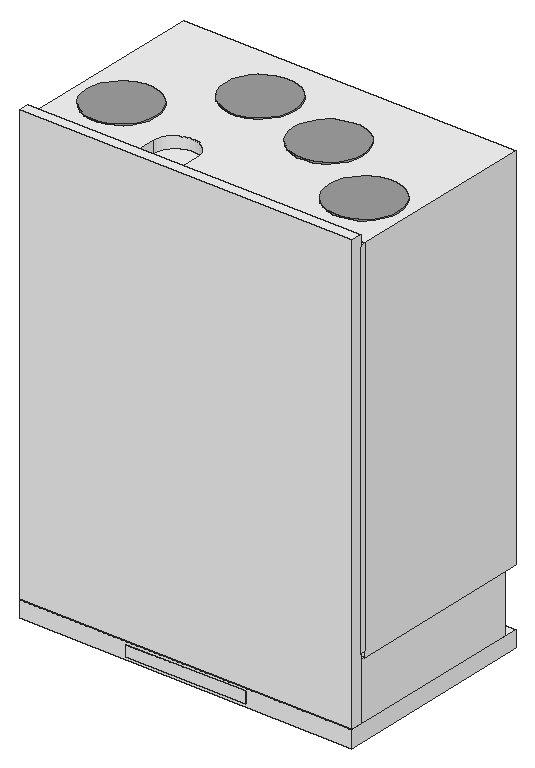
Revit family "DV51CH BIM File", category Mechanical Equipment, Revit 2023
Family settings
  Round Connector Dimension = Use Diameter
  Classification = None
  Part Type = Normal
  Work Plane-Based = No
  Always vertical = Yes
  Cut with Voids When Loaded = No
  Maintain Annotation Orientation = No
  Shared = No
  Room Calculation Point = No
Parameters (values of type "DV51CH (R)")
  Airflow part no = "90001174, 90001172"
  fan_pressure_supply [instance] = 0.0 Pa
  fan_pressure_exhaust [instance] = 0.0 Pa
  fan_flow_supply [instance] = 0.0 L/s
  fan_flow_exhaust [instance] = 0.0 L/s
  ang2D [instance] = 0.00°
  W_2 = 169.5 mm
  W2_2 = 162.5 mm
  W2 = 325 mm
  W1 = 368 mm
  W = 339 mm
  VersionID = ""
  VIS0 = no
  URL = "https://www.airflow.com/"
  RS = 62.5 mm
  QmdConnectorList = "221;D;231;D;241;D;251;D"
  Productdata [instance] = ""
  PValue [instance] = 100.0 Pa
  Manufacturer = "Airflow"
  MZONU__ve [instance] = -Maintenance Zone Under Depth  # -446 mm
  Maintenance Zone Under Depth [instance] = 446 mm
  Maintenance Zone Right Depth [instance] = 500 mm
  Maintenance Zone Over Depth [instance] = 500 mm
  Maintenance Zone Left Depth [instance] = 500 mm
  Maintenance Zone Front Depth [instance] = 330 mm
  Maintenance Zone Bottom Visibility [instance] = no
  Maintenance Zone Top Visibility [instance] = no
  Maintenance Zone Right Visibility [instance] = no
  Maintenance Zone Left Visibility [instance] = no
  Maintenance Zone Front Visibility [instance] = no
  MC Ventilation Flow [instance] = 0.0 L/s
  MC Product Code = "DV51CH Adroit with cooker hood"
  MC Piping Flow [instance] = 0.0 L/s
  MC Material4 MAIN_MODEL = MC_0_0_0_0_50
  MC Material2 MAIN_MODEL = MC_191_191_191_0_50
  MC Material13 MAIN_MODEL = MC_255_255_255_60_50
  MC Material12 MAIN_MODEL = MC_128_128_128_0_50
  MC Material1 MAIN_MODEL = MC_255_255_255_0_50
  MC Enable LOD 350 = no
  MC Enable LOD 200 = no
  MC Cooling Flow [instance] = 0.0 L/s
  L_2 = 299 mm
  LLDONLY = not(BBVIS)  # yes
  LLDAndHLD = and(or(LLDONLY, MC Enable LOD 350), not(BBVIS))  # yes
  LD = 90 mm
  L2 = 595 mm
  L1 = 597 mm
  L = 598 mm
  HP3 = 425 mm
  HP2 = 788 mm
  HP1 = 339 mm
  HP = 658 mm
  HB = 648 mm
  H1 = 668 mm
  ER1 = 20 mm
  ER = 26 mm
  EPR = 30 mm
  ENBL350 = and(MC Enable LOD 350, not(BBVIS))  # no
  E = 110 mm
  Description = "Ventilation unit"
  Default Elevation = 0 mm
  D_2 = 62.5 mm
  DSCY = 105 mm
  DSC = 222 mm
  DR1 = 12 mm
  DR = 6 mm
  DOC = 518 mm
  DEXY = 145 mm
  DEX = 377 mm
  DEC = 81 mm
  D = 125 mm
  CenSd_EPR_6 = EPR * cos(30.00°)  # 25.981 mm
  Clearance Zone Under Depth [instance] = 500 mm
  Clearance Zone Right Depth [instance] = 500 mm
  Clearance Zone Left Depth [instance] = 500 mm
  Clearance Zone Height Depth [instance] = 500 mm
  Clearance Zone Front Depth [instance] = 500 mm
  Clearance Zone Visibility [instance] = no
  CPL = 215 mm
  CPH = 20 mm
  CAT = no
  BH = 819 mm
  BBVIS = MC Enable LOD 200  # no
Types (2, lengths in mm): name | Airflow part no
  DV51CH (R) | "90001174, 90001172"
  DV51CH (L) | "90001175, 90001173"
Reference planes
  plane 1 "Center (Front/Back)": y = 0
  plane 2 "XYPLANE": z = 0
  plane 3 "Center (Left/Right)": x = 0
  plane 4 "362": z = 1
  plane 5 "361": z = 4
  plane 6 "360": z = 28.8
  plane 7 "359": z = 29
  plane 8 "358": y = 135
  plane 9 "357": y = -65
  plane 10 "356": y = -165
  plane 11 "334": z = 425
  plane 12 "282": y = 162
  plane 13 "281": y = 160
  plane 14 "278": x = -209
  plane 15 "277": z = 109
  plane 16 "252": z = 15
  plane 17 "236": y = -184
  plane 18 "235": z = 473
  plane 19 "229": y = -2.5
  plane 20 "228": z = 30
  plane 21 "224": z = 134
  plane 22 "172": z = 819
  plane 23 "161": x = 799
  plane 24 "158": x = -799
  plane 25 "153": y = -514
  plane 26 "150": z = 1319
  plane 27 "149": z = -500
  plane 28 "147": y = -684
  plane 29 "146": x = 799
  plane 30 "145": x = 299
  plane 31 "144": x = -799
  plane 32 "95": x = -77
  plane 33 "94": z = 804
  plane 34 "92": z = 807
  plane 35 "90": z = 797
  plane 36 "86": y = -153
  plane 37 "85": y = -113
  plane 38 "84": x = -37
  plane 39 "83": x = -117
  plane 40 "77": y = -184
  plane 41 "75": y = -165
  plane 42 "69": y = -155
  plane 43 "67": y = 14.5
  plane 44 "42": x = 219
  plane 45 "41": x = 78
  plane 46 "40": y = 39
  plane 47 "39": y = 79
  plane 48 "38": x = -77
  plane 49 "17": x = -218
  plane 50 "16": x = -299
  plane 51 "15": z = 802
  plane 52 "14": y = -57
  plane 53 "13": y = 184
  plane 54 "3": z = 0
  plane 55 "2": y = 0
  plane 56 "1": x = 0
Forms (mm)
  Blend 1, solid, material "MC_191_191_191_0_50" <- "MC Material2 MAIN_MODEL", visible <- "ENBL350"
    base sketch origin (750, 135, 0) x (-1, 0, 0) y (0, 0, 1)
      loop
        line (550, 3) -> (950, 3) -> (950, 5) -> (550, 5) -> (550, 3)
    top sketch origin (750, 135, 0) x (-1, 0, 0) y (0, 0, 1)
      loop
        line (550, 27.8) -> (950, 27.8) -> (950, 29.8) -> (550, 29.8) -> (550, 27.8)
    from 0 to -200
  Blend 2, solid, material "MC_255_255_255_0_50" <- "MC Material1 MAIN_MODEL", visible <- "LLDAndHLD"
    base sketch origin (750, -65, 0) x (-1, 0, 0) y (0, 0, 1)
      loop
        line (452.5, 28) -> (1047.5, 28) -> (1047.5, 30) -> (452.5, 30) -> (452.5, 28)
    top sketch origin (750, -65, 0) x (-1, 0, 0) y (0, 0, 1)
      loop
        line (452.5, 28) -> (1047.5, 28) -> (1047.5, 30) -> (452.5, 30) -> (452.5, 28)
    from 0 to -100
  Blend 3, solid, material "MC_255_255_255_0_50" <- "MC Material1 MAIN_MODEL", visible <- "LLDAndHLD"
    base sketch origin (750, 160, 0) x (-1, 0, 0) y (0, 0, 1)
      loop
        line (452.5, 0) -> (1047.5, 0) -> (1047.5, 2) -> (452.5, 2) -> (452.5, 0)
    top sketch origin (750, 160, 0) x (-1, 0, 0) y (0, 0, 1)
      loop
        line (452.5, 28) -> (1047.5, 28) -> (1047.5, 30) -> (452.5, 30) -> (452.5, 28)
    from 0 to -225
  Extrusion 4, solid, material "MC_255_255_255_0_50" <- "MC Material1 MAIN_MODEL", visible <- "LLDAndHLD"
    sketch origin (750, -184, 0) x (-1, 0, 0) y (0, 0, 1)
      loop
        line (1049, 819) -> (451, 819) -> (451, 31) -> (1049, 31) -> (1049, 819)
    from 0 to 19
  Extrusion 5, solid, material "MC_128_128_128_0_50" <- "MC Material12 MAIN_MODEL", visible <- "LLDAndHLD"
    sketch origin (750, 162, 0) x (-1, 0, 0) y (0, 0, 1)
      loop
        circle (959, 109) r 6
    from 0 to -2
  Extrusion 6, solid, material "MC_255_255_255_0_50" <- "MC Material1 MAIN_MODEL", visible <- "LLDAndHLD"
    sketch origin (750, -184, 0) x (-1, 0, 0) y (0, 0, 1)
      loop
        line (642.5, 25) -> (642.5, 5) -> (857.5, 5) -> (857.5, 25) -> (642.5, 25)
    from 0 to 2
  Extrusion 7, solid, material "MC_255_255_255_0_50" <- "MC Material1 MAIN_MODEL", visible <- "LLDAndHLD"
    sketch origin (750, -165, 0) x (-1, 0, 0) y (0, 0, 1)
      loop
        line (1049, 802) -> (451, 802) -> (451, 144) -> (1049, 144) -> (1049, 802)
    from 0 to 10
  Extrusion 8, solid, material "MC_255_255_255_0_50" <- "MC Material1 MAIN_MODEL", visible <- "LLDAndHLD"
    sketch origin (-750, 0, 30) x (1, 0, 0) y (0, 1, 0)
      loop
        line (1048.5, 160) -> (451.5, 160) -> (451.5, -165) -> (1048.5, -165) -> (1048.5, 160)
    from 0 to 104
  Extrusion 9, solid, material "MC_255_255_255_0_50" <- "MC Material1 MAIN_MODEL", visible <- "LLDAndHLD"
    sketch origin (-750, 0, 0) x (1, 0, 0) y (0, 1, 0)
      loop
        line (1048.5, 184) -> (451.5, 184) -> (451.5, -184) -> (1048.5, -184) -> (1048.5, 184)
      loop
        line (1047.5, 160) -> (452.5, 160) -> (452.5, -165) -> (1047.5, -165) -> (1047.5, 160)
    from 0 to 30
  Extrusion 10, solid, material "MC_255_255_255_60_50" <- "MC Material13 MAIN_MODEL", visible <- "Maintenance Zone Top Visibility"
    sketch origin (-750, 0, 819) x (1, 0, 0) y (0, 1, 0)
      loop
        line (451, 184) -> (451, -184) -> (1049, -184) -> (1049, 184) -> (451, 184)
    from 0 to 500 <- "Maintenance Zone Over Depth"
  Extrusion 11, solid, material "MC_255_255_255_60_50" <- "MC Material13 MAIN_MODEL", visible <- "Maintenance Zone Bottom Visibility"
    sketch origin (-750, 0, 0) x (1, 0, 0) y (0, 1, 0)
      loop
        line (451, 184) -> (451, -184) -> (1049, -184) -> (1049, 184) -> (451, 184)
    from 0 to -446 <- "MZONU__ve"
  Extrusion 12, solid, material "MC_255_255_255_60_50" <- "MC Material13 MAIN_MODEL", visible <- "Maintenance Zone Right Visibility"
    sketch origin (-750, 0, 0) x (1, 0, 0) y (0, 1, 0)
      loop
        line (1549, 184) -> (1049, 184) -> (1049, -184) -> (1549, -184) -> (1549, 184)
    from 0 to 819 <- "BH"
  Extrusion 13, solid, material "MC_255_255_255_60_50" <- "MC Material13 MAIN_MODEL", visible <- "Maintenance Zone Left Visibility"
    sketch origin (-750, 0, 0) x (1, 0, 0) y (0, 1, 0)
      loop
        line (451, 184) -> (-49, 184) -> (-49, -184) -> (451, -184) -> (451, 184)
    from 0 to 819 <- "BH"
  Extrusion 14, solid, material "MC_255_255_255_60_50" <- "MC Material13 MAIN_MODEL", visible <- "Maintenance Zone Front Visibility"
    sketch origin (-750, 0, 0) x (1, 0, 0) y (0, 1, 0)
      loop
        line (451, -184) -> (451, -514) -> (1049, -514) -> (1049, -184) -> (451, -184)
    from 0 to 819 <- "BH"
  Blend 15, solid, material "MC_255_255_255_60_50" <- "MC Material13 MAIN_MODEL", visible <- "Clearance Zone Visibility"
    base sketch origin (-750, 0, -500) x (1, 0, 0) y (0, 1, 0)
      loop
        line (-49, 184) -> (-49, -684) -> (1549, -684) -> (1549, 184) -> (-49, 184)
    top sketch origin (-750, 0, -500) x (1, 0, 0) y (0, 1, 0)
      loop
        line (-49, 184) -> (-49, -684) -> (1549, -684) -> (1549, 184) -> (-49, 184)
    from 0 to 1819
  Extrusion 16, solid, visible <- "BBVIS"
    sketch origin (-750, 0, 0) x (1, 0, 0) y (0, 1, 0)
      loop
        line (1049, 184) -> (451, 184) -> (451, -184) -> (1049, -184) -> (1049, 184)
    from 0 to 819 <- "BH"
  Blend 17, solid, material "MC_255_255_255_0_50" <- "MC Material1 MAIN_MODEL", visible <- "ENBL350"
    base sketch origin (-750, 0, 797) x (1, 0, 0) y (0, 1, 0)
      loop
        circle (673, -113) r 26
    top sketch origin (-750, 0, 797) x (1, 0, 0) y (0, 1, 0)
      loop
        circle (673, -113) r 20
    from 0 to 10
  Extrusion 18, solid, material "MC_255_255_255_0_50" <- "MC Material1 MAIN_MODEL", visible <- "ENBL350"
    sketch origin (-750, 0, 797) x (1, 0, 0) y (0, 1, 0)
      loop
        line (703, -113) -> (688, -87.019) -> (658, -87.019) -> (643, -113) -> (658, -138.981) -> (688, -138.981) -> (703, -113)
    from 0 to -15
  Extrusion 19, solid, material "MC_255_255_255_0_50" <- "MC Material1 MAIN_MODEL", visible <- "LLDAndHLD"
    sketch origin (-750, 0, 134) x (1, 0, 0) y (0, 1, 0)
      loop
        line (633, -153) -> (713, -153) -> (713, -113)
        arc (713, -113) -> (673, -73) -> (633, -113) r 40
        line (633, -113) -> (633, -153)
    from 0 to 648 <- "HB"
  Extrusion 20, solid, material "MC_128_128_128_0_50" <- "MC Material12 MAIN_MODEL", visible <- "LLDAndHLD"
    sketch origin (-750, 0, 804) x (1, 0, 0) y (0, 1, 0)
      loop
        circle (828, 39) r 62.5
    from 0 to -2
  Extrusion 21, solid, material "MC_128_128_128_0_50" <- "MC Material12 MAIN_MODEL", visible <- "LLDAndHLD"
    sketch origin (-750, 0, 804) x (1, 0, 0) y (0, 1, 0)
      loop
        circle (673, 79) r 62.5
    from 0 to -2
  Extrusion 22, solid, material "MC_128_128_128_0_50" <- "MC Material12 MAIN_MODEL", visible <- "LLDAndHLD"
    sketch origin (-750, 0, 804) x (1, 0, 0) y (0, 1, 0)
      loop
        circle (969, -57) r 62.5
    from 0 to -2
  Extrusion 23, solid, material "MC_128_128_128_0_50" <- "MC Material12 MAIN_MODEL", visible <- "LLDAndHLD"
    sketch origin (-750, 0, 804) x (1, 0, 0) y (0, 1, 0)
      loop
        circle (532, -57) r 62.5
    from 0 to -2
  Extrusion 24, solid, material "MC_255_255_255_0_50" <- "MC Material1 MAIN_MODEL", visible <- "LLDAndHLD"
    sketch origin (-750, 0, 134) x (1, 0, 0) y (0, 1, 0)
      loop
        line (1049, 184) -> (451, 184) -> (451, -155) -> (1049, -155) -> (1049, 184)
      loop
        line (633, -153) -> (713, -153) -> (713, -113)
        arc (713, -113) -> (673, -73) -> (633, -113) r 40
        line (633, -113) -> (633, -153)
    from 0 to 668 <- "H1"
  Extrusion 25, solid, not visible
    sketch origin (750, 160, 0) x (-1, 0, 0) y (0, 0, 1)
      loop
        circle (959, 109) r 10
    from 0 to -10
  Extrusion 26, solid, not visible
    sketch origin (-750, 0, 807) x (1, 0, 0) y (0, 1, 0)
      loop
        circle (673, -113) r 10
    from 0 to -10
  Extrusion 27, solid, not visible
    sketch origin (-750, 0, 802) x (1, 0, 0) y (0, 1, 0)
      loop
        circle (828, 39) r 10
    from 0 to -10
  Extrusion 28, solid, not visible
    sketch origin (-750, 0, 802) x (1, 0, 0) y (0, 1, 0)
      loop
        circle (673, 79) r 10
    from 0 to -10
  Extrusion 29, solid, not visible
    sketch origin (-750, 0, 802) x (1, 0, 0) y (0, 1, 0)
      loop
        circle (969, -57) r 10
    from 0 to -10
  Extrusion 30, solid, not visible
    sketch origin (-750, 0, 802) x (1, 0, 0) y (0, 1, 0)
      loop
        circle (532, -57) r 10
    from 0 to -10
Lines and regions (mm)
  reference lines, not visible
    curve 1: circle (2, 2, 0) r 1 normal (0, 0, 1)
  reference lines
    curve 2: circle (0, -184, 425) r 1 normal (0, 1, 0)
    curve 3: circle (0, -184, 15) r 1 normal (0, 1, 0)
    curve 4: circle (0, -165, 473) r 1 normal (0, 1, 0)
    curve 5: circle (0, -2.5, 30) r 1 normal (0, 0, 1)
    curve 6: circle (0, 0, 0) r 1 normal (0, 0, 1)
    curve 7: circle (0, -2.5, 0) r 1 normal (0, 0, 1)
    curve 8: circle (0, 0, 0) r 1 normal (0, 0, 1)
    curve 9: line (-77, -113, 797) -> (-84.5, -100.01, 797)
    curve 10: line (-77, -113, 797) -> (-92, -113, 797)
    curve 11: line (-77, -113, 797) -> (-84.5, -125.99, 797)
    curve 12: line (-117, -113, 134) -> (-37, -113, 134)
    curve 13: circle (0, 14.5, 134) r 1 normal (0, 0, 1)
    curve 14: line (-117, -113, 134) -> (-37, -113, 134)
Dimensions and locks
  plane 1 "Center (Front/Back)" to curve 1 = 2 mm
  locked: plane 54 "3" to plane 4 "362" at 1
  locked: plane 54 "3" to plane 5 "361" at 4
  locked: plane 7 "359" to plane 6 "360" at 0.2
  locked: plane 54 "3" to plane 7 "359" at 29
  locked: plane 13 "281" to plane 8 "358" at 25
  locked: plane 10 "356" to plane 9 "357" at 100
  "W2_2": plane 19 "229" to plane 10 "356"
  "HP3": plane 54 "3" to plane 11 "334"
  locked: plane 13 "281" to plane 12 "282" at 2
  "W2_2": plane 19 "229" to plane 13 "281"
  "LD": plane 50 "16" to plane 14 "278"
  locked: plane 54 "3" to plane 15 "277" at 109
  locked: plane 54 "3" to plane 16 "252" at 15
  locked: plane 42 "69" to plane 17 "236" at 29
  "HP1": plane 21 "224" to plane 18 "235"
  locked: plane 43 "67" to plane 19 "229" at 17
  locked: plane 54 "3" to plane 20 "228" at 30
  locked: plane 54 "3" to plane 21 "224" at 134
  locked: plane 51 "15" to plane 22 "172" at 17
  "Maintenance Zone Right Depth": plane 30 "145" to plane 23 "161"
  "Maintenance Zone Left Depth": plane 50 "16" to plane 24 "158"
  "Maintenance Zone Front Depth": plane 40 "77" to plane 25 "153"
  "Clearance Zone Height Depth": plane 22 "172" to plane 26 "150"
  "Clearance Zone Under Depth": plane 54 "3" to plane 27 "149"
  "Clearance Zone Front Depth": plane 40 "77" to plane 28 "147"
  "Clearance Zone Right Depth": plane 30 "145" to plane 29 "146"
  "L_2": plane 56 "1" to plane 30 "145"
  "Clearance Zone Left Depth": plane 50 "16" to plane 31 "144"
  locked: plane 50 "16" to plane 32 "95" at 222
  locked: plane 51 "15" to plane 33 "94" at 2
  locked: plane 51 "15" to plane 34 "92" at 5
  locked: plane 51 "15" to plane 35 "90" at 5
  locked: plane 42 "69" to plane 36 "86" at 2
  locked: plane 36 "86" to plane 37 "85" at 40
  locked: plane 32 "95" to plane 38 "84" at 40
  locked: plane 32 "95" to plane 39 "83" at 40
  locked: plane 41 "75" to plane 40 "77" at 19
  locked: plane 42 "69" to plane 41 "75" at 10
  "W_2": plane 43 "67" to plane 42 "69"
  locked: plane 55 "2" to plane 43 "67" at 14.5
  "DOC": plane 50 "16" to plane 44 "42"
  "DEX": plane 50 "16" to plane 45 "41"
  "DEXY": plane 53 "13" to plane 46 "40"
  "DSCY": plane 53 "13" to plane 47 "39"
  "DSC": plane 50 "16" to plane 48 "38"
  "DEC": plane 50 "16" to plane 49 "17"
  "L_2": plane 56 "1" to plane 50 "16"
  "H1": plane 21 "224" to plane 51 "15"
  locked: plane 53 "13" to plane 52 "14" at 241
  "W_2": plane 43 "67" to plane 53 "13"
  locked: plane 2 "XYPLANE" to plane 54 "3"
  locked: plane 1 "Center (Front/Back)" to plane 55 "2"
  locked: plane 3 "Center (Left/Right)" to plane 56 "1"
  Blend 1 sketch curve to Blend 1 sketch curve = 0 mm  (x16)
  Blend 2 sketch curve to Blend 2 sketch curve = 0 mm  (x16)
  Blend 3 sketch curve to Blend 3 sketch curve = 0 mm  (x16)
  equal spacing: Extrusion 4 sketch curve, curve 2, Extrusion 4 sketch curve  (x2)
  "L": Extrusion 4 sketch curve to Extrusion 4 sketch curve
  "HP2": Extrusion 4 sketch curve to Extrusion 4 sketch curve
  Extrusion 4 sketch curve to Extrusion 4 sketch curve = 0 mm  (x8)
  equal spacing: Extrusion 6 sketch curve, curve 3, Extrusion 6 sketch curve  (x2)
  "CPH": Extrusion 6 sketch curve to Extrusion 6 sketch curve
  "CPL": Extrusion 6 sketch curve to Extrusion 6 sketch curve
  Extrusion 6 sketch curve to Extrusion 6 sketch curve = 0 mm  (x8)
  equal spacing: Extrusion 7 sketch curve, curve 4, Extrusion 7 sketch curve  (x2)
  "L": Extrusion 7 sketch curve to Extrusion 7 sketch curve
  "HP": Extrusion 7 sketch curve to Extrusion 7 sketch curve
  Extrusion 7 sketch curve to Extrusion 7 sketch curve = 0 mm  (x8)
  equal spacing: Extrusion 8 sketch curve, curve 5, Extrusion 8 sketch curve  (x2)
  "W2": Extrusion 8 sketch curve to Extrusion 8 sketch curve
  "L1": Extrusion 8 sketch curve to Extrusion 8 sketch curve
  Extrusion 8 sketch curve to Extrusion 8 sketch curve = 0 mm  (x8)
  equal spacing: Extrusion 9 sketch curve, curve 6, Extrusion 9 sketch curve  (x2)
  "W1": Extrusion 9 sketch curve to Extrusion 9 sketch curve
  "L1": Extrusion 9 sketch curve to Extrusion 9 sketch curve
  equal spacing: Extrusion 9 sketch curve, curve 7, Extrusion 9 sketch curve  (x2)
  "W2": Extrusion 9 sketch curve to Extrusion 9 sketch curve
  "L2": Extrusion 9 sketch curve to Extrusion 9 sketch curve
  Extrusion 9 sketch curve to Extrusion 9 sketch curve = 0 mm  (x16)
  Extrusion 10 sketch curve to Extrusion 10 sketch curve = 0 mm  (x8)
  Extrusion 11 sketch curve to Extrusion 11 sketch curve = 0 mm  (x8)
  Extrusion 12 sketch curve to Extrusion 12 sketch curve = 0 mm  (x8)
  Extrusion 13 sketch curve to Extrusion 13 sketch curve = 0 mm  (x8)
  Extrusion 14 sketch curve to Extrusion 14 sketch curve = 0 mm  (x8)
  Blend 15 sketch curve to Blend 15 sketch curve = 0 mm  (x16)
  equal spacing: Extrusion 16 sketch curve, curve 8, Extrusion 16 sketch curve  (x2)
  "W1": Extrusion 16 sketch curve to Extrusion 16 sketch curve
  "L": Extrusion 16 sketch curve to Extrusion 16 sketch curve
  Extrusion 16 sketch curve to Extrusion 16 sketch curve = 0 mm  (x8)
  "CenSd_EPR_6": curve 9 to Extrusion 18 sketch curve  (x2)
  "CenSd_EPR_6": curve 10 to Extrusion 18 sketch curve  (x2)
  "CenSd_EPR_6": curve 11 to Extrusion 18 sketch curve  (x2)
  Extrusion 18 sketch curve to Extrusion 18 sketch curve = 0 mm  (x12)
  Extrusion 19 sketch curve to Extrusion 19 sketch curve = 0 mm  (x8)
  equal spacing: Extrusion 24 sketch curve, curve 13, Extrusion 24 sketch curve  (x2)
  "W": Extrusion 24 sketch curve to Extrusion 24 sketch curve
  "L": Extrusion 24 sketch curve to Extrusion 24 sketch curve
  Extrusion 24 sketch curve to Extrusion 24 sketch curve = 0 mm  (x16)
  "DR": radius of Extrusion 5 sketch curve
  "ER1": radius of Blend 17 sketch curve
  "ER": radius of Blend 17 sketch curve
  "D_2": radius of Extrusion 20 sketch curve
  "D_2": radius of Extrusion 21 sketch curve
  "D_2": radius of Extrusion 22 sketch curve
  "D_2": radius of Extrusion 23 sketch curve
  locked: curve 10 to curve 9 (angle 60.00°)
  locked: curve 11 to curve 10 (angle 60.00°)
  locked: curve 11 to curve 9 (angle 120.00°)
  aligned and locked: level to plane 2 "XYPLANE"
  aligned and locked: Blend 1 to plane 9 "357"
  aligned and locked: Blend 2 to plane 10 "356"
  aligned and locked: Blend 3 to plane 9 "357"
  aligned and locked: plane 11 "334" to curve 2
  aligned and locked: plane 56 "1" to curve 2
  aligned and locked: plane 14 "278" to Extrusion 5 sketch curve
  aligned and locked: plane 15 "277" to Extrusion 5 sketch curve
  aligned and locked: plane 16 "252" to curve 3
  aligned and locked: plane 56 "1" to curve 3
  aligned and locked: plane 18 "235" to curve 4
  aligned and locked: plane 56 "1" to curve 4
  aligned and locked: plane 19 "229" to curve 5
  aligned and locked: plane 56 "1" to curve 5
  aligned and locked: plane 55 "2" to curve 6
  aligned and locked: plane 56 "1" to curve 6
  aligned and locked: plane 19 "229" to curve 7
  aligned and locked: plane 56 "1" to curve 7
  aligned and locked: Extrusion 10 sketch curve to plane 50 "16"
  aligned and locked: plane 53 "13" to Extrusion 10 sketch curve  (x2)
  aligned and locked: plane 40 "77" to Extrusion 10 sketch curve  (x2)
  aligned and locked: plane 50 "16" to Extrusion 10 sketch curve
  aligned and locked: plane 30 "145" to Extrusion 10 sketch curve  (x2)
  aligned and locked: Extrusion 11 sketch curve to plane 50 "16"
  aligned and locked: plane 53 "13" to Extrusion 11 sketch curve  (x2)
  aligned and locked: plane 40 "77" to Extrusion 11 sketch curve  (x2)
  aligned and locked: plane 50 "16" to Extrusion 11 sketch curve
  aligned and locked: plane 30 "145" to Extrusion 11 sketch curve  (x2)
  aligned and locked: Extrusion 12 sketch curve to plane 23 "161"
  aligned and locked: Extrusion 12 sketch curve to plane 53 "13"  (x2)
  aligned and locked: Extrusion 12 sketch curve to plane 40 "77"
  aligned and locked: plane 23 "161" to Extrusion 12 sketch curve
  aligned and locked: plane 30 "145" to Extrusion 12 sketch curve  (x2)
  aligned and locked: plane 40 "77" to Extrusion 12 sketch curve
  aligned and locked: Extrusion 13 sketch curve to plane 50 "16"
  aligned and locked: plane 53 "13" to Extrusion 13 sketch curve  (x2)
  aligned and locked: plane 40 "77" to Extrusion 13 sketch curve  (x2)
  aligned and locked: plane 50 "16" to Extrusion 13 sketch curve
  aligned and locked: plane 24 "158" to Extrusion 13 sketch curve  (x2)
  aligned and locked: Extrusion 14 sketch curve to plane 50 "16"
  aligned and locked: plane 40 "77" to Extrusion 14 sketch curve  (x2)
  aligned and locked: plane 25 "153" to Extrusion 14 sketch curve  (x2)
  aligned and locked: plane 50 "16" to Extrusion 14 sketch curve
  aligned and locked: plane 30 "145" to Extrusion 14 sketch curve  (x2)
  aligned and locked: Blend 15 sketch curve to plane 31 "144"  (x2)
  aligned and locked: plane 53 "13" to Blend 15 sketch curve  (x2)
  aligned and locked: plane 28 "147" to Blend 15 sketch curve  (x2)
  aligned and locked: plane 31 "144" to Blend 15 sketch curve  (x2)
  aligned and locked: plane 29 "146" to Blend 15 sketch curve  (x4)
  aligned and locked: Blend 15 sketch curve to plane 28 "147"  (x2)
  aligned and locked: Blend 15 sketch curve to plane 53 "13"  (x2)
  aligned and locked: Blend 15 to plane 26 "150"
  aligned and locked: plane 55 "2" to curve 8
  aligned and locked: plane 56 "1" to curve 8
  aligned and locked: plane 32 "95" to Blend 17 sketch curve  (x2)
  aligned and locked: plane 37 "85" to Blend 17 sketch curve  (x2)
  aligned and locked: plane 34 "92" to Blend 17
  aligned and locked: plane 32 "95" to curve 11
  aligned and locked: plane 37 "85" to curve 11
  aligned and locked: plane 36 "86" to Extrusion 19 sketch curve  (x2)
  aligned and locked: plane 37 "85" to Extrusion 19 sketch curve  (x2)
  aligned and locked: curve 12 to plane 37 "85"
  aligned and locked: plane 39 "83" to curve 12
  aligned and locked: plane 38 "84" to curve 12
  aligned and locked: Extrusion 19 sketch curve to plane 38 "84"
  aligned and locked: plane 38 "84" to Extrusion 19 sketch curve
  aligned and locked: plane 39 "83" to Extrusion 19 sketch curve
  aligned and locked: plane 45 "41" to Extrusion 20 sketch curve
  aligned and locked: plane 46 "40" to Extrusion 20 sketch curve
  aligned and locked: plane 47 "39" to Extrusion 21 sketch curve
  aligned and locked: plane 48 "38" to Extrusion 21 sketch curve
  aligned and locked: plane 44 "42" to Extrusion 22 sketch curve
  aligned and locked: plane 52 "14" to Extrusion 22 sketch curve
  aligned and locked: plane 49 "17" to Extrusion 23 sketch curve
  aligned and locked: plane 52 "14" to Extrusion 23 sketch curve
  aligned and locked: plane 43 "67" to curve 13
  aligned and locked: plane 56 "1" to curve 13
  aligned and locked: plane 39 "83" to Extrusion 24 sketch curve
  aligned and locked: plane 36 "86" to Extrusion 24 sketch curve  (x2)
  aligned and locked: plane 37 "85" to Extrusion 24 sketch curve  (x2)
  aligned and locked: curve 14 to plane 37 "85"
  aligned and locked: plane 39 "83" to curve 14
  aligned and locked: plane 38 "84" to curve 14
  aligned and locked: Extrusion 24 sketch curve to plane 38 "84"
  aligned and locked: plane 38 "84" to Extrusion 24 sketch curve
  aligned and locked: plane 14 "278" to Extrusion 25 sketch curve
  aligned and locked: plane 15 "277" to Extrusion 25 sketch curve
  aligned and locked: plane 32 "95" to Extrusion 26 sketch curve
  aligned and locked: plane 37 "85" to Extrusion 26 sketch curve
  aligned and locked: plane 45 "41" to Extrusion 27 sketch curve
  aligned and locked: plane 46 "40" to Extrusion 27 sketch curve
  aligned and locked: plane 47 "39" to Extrusion 28 sketch curve
  aligned and locked: plane 48 "38" to Extrusion 28 sketch curve
  aligned and locked: plane 44 "42" to Extrusion 29 sketch curve
  aligned and locked: plane 52 "14" to Extrusion 29 sketch curve
  aligned and locked: plane 49 "17" to Extrusion 30 sketch curve
  aligned and locked: plane 52 "14" to Extrusion 30 sketch curve
Automatic sketch dimensions
  Blend 1 sketch curve to plane 5 "361" = 1 mm
  Blend 1 sketch curve to plane 44 "42" = 19 mm  (x2)
  plane 5 "361" to Blend 1 sketch curve = 1 mm
  plane 14 "278" to Blend 1 sketch curve = 9 mm  (x2)
  Blend 1 sketch curve to plane 6 "360" = 1 mm
  Blend 1 sketch curve to plane 20 "228" = 0.2 mm
  Blend 2 sketch curve to plane 20 "228" = 0 mm  (x2)
  Blend 2 sketch curve to plane 30 "145" = 1.5 mm  (x2)
  plane 50 "16" to Blend 2 sketch curve = 1.5 mm  (x2)
  Blend 2 sketch curve to plane 6 "360" = 0.8 mm  (x2)
  Blend 3 sketch curve to level = 0 mm
  Blend 3 sketch curve to plane 30 "145" = 1.5 mm  (x2)
  plane 50 "16" to Blend 3 sketch curve = 1.5 mm  (x2)
  plane 4 "362" to Blend 3 sketch curve = 1 mm
  Blend 3 sketch curve to plane 20 "228" = 0 mm
  Blend 3 sketch curve to plane 6 "360" = 0.8 mm
  plane 14 "278" to Extrusion 25 sketch curve = 10 mm
  Extrusion 26 sketch curve to plane 37 "85" = 10 mm
  Extrusion 27 sketch curve to Extrusion 27 sketch curve = 10 mm
  Extrusion 28 sketch curve to Extrusion 28 sketch curve = 10 mm
  Extrusion 29 sketch curve to plane 9 "357" = 2 mm
  Extrusion 30 sketch curve to plane 9 "357" = 2 mm
  plane 3 "Center (Left/Right)" to curve 1 = 2 mm
  Extrusion 4 sketch curve to plane 22 "172" = 0 mm
  Extrusion 4 sketch curve to plane 30 "145" = 0 mm
  Extrusion 6 sketch curve to plane 6 "360" = 3.8 mm
  plane 45 "41" to Extrusion 6 sketch curve = 29.5 mm
  Extrusion 7 sketch curve to plane 30 "145" = 0 mm
  Extrusion 7 sketch curve to plane 51 "15" = 0 mm
  Extrusion 8 sketch curve to plane 13 "281" = 0 mm
  plane 50 "16" to Extrusion 8 sketch curve = 0.5 mm
  Extrusion 9 sketch curve to plane 53 "13" = 0 mm
  Extrusion 9 sketch curve to plane 10 "356" = 0 mm
  plane 50 "16" to Extrusion 9 sketch curve = 0.5 mm
  plane 50 "16" to Extrusion 9 sketch curve = 1.5 mm
  Extrusion 16 sketch curve to plane 50 "16" = 0 mm
  Extrusion 16 sketch curve to plane 17 "236" = 0 mm
  Extrusion 24 sketch curve to plane 50 "16" = 0 mm
  Extrusion 24 sketch curve to plane 42 "69" = 0 mm
  radius of curve 2 = 1 mm
  radius of curve 3 = 1 mm
  radius of curve 4 = 1 mm
  radius of curve 5 = 1 mm
  radius of curve 6 = 1 mm
  radius of curve 7 = 1 mm
  radius of curve 8 = 1 mm
  radius of curve 13 = 1 mm
  radius of curve 1 = 1 mm
Connectors
  hvac at (-77, 79, 802), driven by "D"
    settings: on Extrusion 28, index 1, duct flow 0.0 L/s, flow factor 0, pres drop 0.0 Pa, loss coef 0, conn angle 0.00°, conn width 304.8 mm, conn height 304.8 mm, conn diameter 125 mm, duct sys type 1, conn prof type 0, flow config 0, flow direction 2, loss method 0, conn ref index -1, conn util no, is conn primary yes, conn desc ""
  hvac at (219, -57, 802), driven by "D"
    settings: on Extrusion 29, index 2, duct flow 0.0 L/s, flow factor 0, pres drop 0.0 Pa, loss coef 0, conn angle 0.00°, conn width 304.8 mm, conn height 304.8 mm, conn diameter 125 mm, duct sys type 1, conn prof type 0, flow config 0, flow direction 1, loss method 0, conn ref index -1, conn util no, is conn primary no, conn desc ""
  hvac at (-218, -57, 802), driven by "D"
    settings: on Extrusion 30, index 3, duct flow 0.0 L/s, flow factor 0, pres drop 0.0 Pa, loss coef 0, conn angle 0.00°, conn width 304.8 mm, conn height 304.8 mm, conn diameter 125 mm, duct sys type 2, conn prof type 0, flow config 0, flow direction 1, loss method 0, conn ref index -1, conn util no, is conn primary no, conn desc ""
  hvac at (78, 39, 802), driven by "D"
    settings: on Extrusion 27, index 4, duct flow 0.0 L/s, flow factor 0, pres drop 0.0 Pa, loss coef 0, conn angle 0.00°, conn width 304.8 mm, conn height 304.8 mm, conn diameter 125 mm, duct sys type 3, conn prof type 0, flow config 0, flow direction 2, loss method 0, conn ref index -1, conn util no, is conn primary no, conn desc ""
